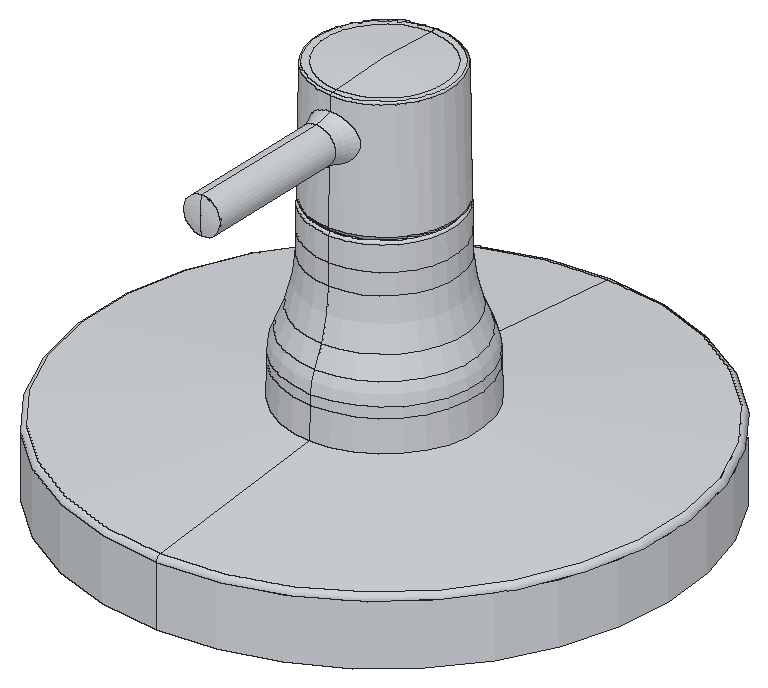
Revit family "Shower-Valve_Trim-KOHLER-Toobi-K-TS8981", category Specialty Equipment, host Face, Revit 2015
Parameters (values of type "CP-Polished Chrome")
  Width = 6 1/2"  # constant formula
  URL = "https://www.us.kohler.com/us/"
  Type = 1
  Product Page URL = "http://www.us.kohler.com/us/catalog/productDetails.jsp?productNumber=TS8981-4"
  Product Name = "Toobi"  # constant formula
  Product Documentation Link = "http://www.us.kohler.com/onlinecatalog/pdf/K-TS8981-4_spec.pdf"
  Model = if(Type = 1, "K-TS8981-4-CP", if(Type = 2, "K-TS8981-4-BN", "NA"))  # "K-TS8981-4-CP"
  Material = "Premium Metal Construction"  # constant formula
  MasterFormat 2004 = "10.28.13"  # constant formula
  MasterFormat 1995 = "10820"  # constant formula
  Manufacturer Address = "444 Highland Dr, Kohler, WI 53044"  # constant formula
  Manufacturer = "KOHLER Co."  # constant formula
  Length = 4 7/16"  # constant formula
  Height = 6 1/2"  # constant formula
  Finish = Kohler-Metal-CP-Polished_Chrome
  Environmental Product Declaration = ""
  Description = "Rite-temp valve trim with lever handle"  # constant formula
  Default Elevation = 42"
  Declare Label = ""
  Date Modified = "09/11/2018"  # constant formula
  Date Created = "09/11/2018"  # constant formula
  Copyright = "Copyright KOHLER Co."  # constant formula
  Contact Us = "https://www.us.kohler.com/us/static/contact.jsp"
  Assembly Code = "C1030200"
  ADA Compliant = 1 = 1  # yes
Types (3): name | Type | Model | Finish
  (no name) | 1 | "K-TS8981-4-CP" | Kohler-Metal-CP-Polished_Chrome
  CP-Polished Chrome | 1 | "K-TS8981-4-CP" | Kohler-Metal-CP-Polished_Chrome
  BN-Vibrant Brushed Nickel | 2 | "K-TS8981-4-BN" | Kohler-Metal-BN-Vibrant_Brushed_Nickel
Reference planes (in)
  plane 1 "Center (Front/Back)": y = 0
  plane 2: z = 0
  plane 3 "Center (Left/Right)": x = 0
  plane 4: x = -3.25
  plane 5: x = 3.25
  plane 6: y = 3.25
  plane 7: y = -3.25
  plane 8: z = 4.4375
  plane 9: y = -2.625
Dimensions and locks (in)
  "Width": plane 4 to plane 5
  "Height": plane 6 to plane 7
  "Length": plane 8 to level
  plane 1 "Center (Front/Back)" to plane 9 = 2 5/8"
  aligned and locked: plane 2 to host face
  aligned and locked: level to host face
Automatic sketch dimensions
  host sketch curve to host sketch curve = 96"  (x2)
Nested families (in)
  nested 1: "K-TS8981" at (0, 0, 0), type "K-TS8981"
Definition of nested family "K-TS8981"
  Parameters (values of type "K-TS8981")
    Material = none
  Reference planes (in)
    plane 1 "Center (Front/Back)": y = 0
    plane 2: z = 0
    plane 3 "Center (Left/Right)": x = 0
    plane 4: y = 3.25
    plane 5: y = -3.25
    plane 6: z = 4.4375
    plane 7: y = -2.625
  Forms (in)
    Revolve 1, solid, material <- "Material", detail levels medium+fine
      sketch origin (0, 0.03343, 0) x (0, 1, 0) y (0, 0, 1)
        loop
          line (3.21657, 0) -> (3.21657, 0.69172)
          arc (3.21657, 0.69172) -> (3.20028, 0.73524) -> (3.15942, 0.75737) r 0.06627
          arc (3.15942, 0.75737) -> (2.09423, 0.8843) -> (1.02492, 0.96969) r 27.56765
          arc (1.02492, 0.96969) -> (1.02326, 1.14937) -> (1.01853, 1.329) r 10.49388
          line (1.01853, 1.329) -> (1.01456, 1.44258)
          arc (1.01456, 1.44258) -> (0.99807, 1.56033) -> (0.95758, 1.67211) r 0.57144
          arc (0.95758, 1.67211) -> (0.90693, 1.7843) -> (0.86259, 1.89912) r 2.21821
          arc (0.86259, 1.89912) -> (0.79079, 2.16476) -> (0.76045, 2.43825) r 1.79371
          arc (0.76045, 2.43825) -> (0.75774, 2.55605) -> (0.75754, 2.67388) r 5.5345
          arc (0.75754, 2.67388) -> (0.75693, 2.81315) -> (0.75262, 2.95235) r 5.24421
          arc (0.75262, 2.95235) -> (0.74409, 2.97117) -> (0.72491, 2.97887) r 0.02774
          line (0.72491, 2.97887) -> (0.68576, 2.97887)
          arc (0.68576, 2.97887) -> (0.66256, 2.98665) -> (0.64875, 3.00687) r 0.03847
          line (0.64875, 3.00687) -> (0.73104, 3.00687)
          arc (0.73104, 3.00687) -> (0.74554, 3.01294) -> (0.75136, 3.02754) r 0.02032
          line (0.75136, 3.02754) -> (0.72788, 4.37318)
          arc (0.72788, 4.37318) -> (0.72194, 4.387) -> (0.70803, 4.39269) r 0.01985
          arc (0.70803, 4.39269) -> (0.67335, 4.39283) -> (0.63868, 4.39324) r 4.37125
          arc (0.63868, 4.39324) -> (0.30335, 4.42636) -> (-0.03343, 4.4375) r 5.15281
          line (-0.03343, 4.4375) -> (-0.03343, 0) -> (3.21657, 0)
        axis (-0.03343, 4.4375) -> (-0.03343, 0)
      angle from 0 to 360
    Revolve 2, solid, material <- "Material", detail levels medium+fine
      sketch origin (0, 0.03343, 0) x (0, 1, 0) y (0, 0, 1)
        loop
          arc (-0.54227, 3.95184) -> (-0.56683, 4.1635) -> (-0.63054, 4.36684) r 1.13421
          arc (-0.63054, 4.36684) -> (-0.78779, 4.21657) -> (-0.9983, 4.16187) r 0.43239
          line (-0.9983, 4.16187) -> (-2.63284, 4.16187)
          arc (-2.63284, 4.16187) -> (-2.65297, 4.05775) -> (-2.65843, 3.95184) r 0.76096
          line (-2.65843, 3.95184) -> (-0.54227, 3.95184)
        axis (-2.65843, 3.95184) -> (-0.54227, 3.95184)
      angle from 0 to 360
    Revolve 3, solid, material <- "Material", detail levels coarse
      sketch origin (0, 0, 0) x (0, 1, 0) y (0, 0, 1)
        loop
          line (3.25, 0) -> (3.25, 1) -> (1, 1) -> (1, 4.4375) -> (-0.00002, 4.4375) -> (-0.00002, 0) -> (3.25, 0)
        axis (-0.00002, 4.4375) -> (-0.00002, 0)
      angle from 0 to 360
    Revolve 4, solid, material <- "Material", detail levels coarse
      sketch origin (0, 0, 0) x (0, 1, 0) y (0, 0, 1)
        loop
          line (-0.76905, 3.92942) -> (-2.625, 3.92942) -> (-2.625, 3.69697) -> (-0.77311, 3.69697) -> (-0.76905, 3.92942)
        axis (-2.625, 3.92942) -> (-0.76905, 3.92942)
      angle from 0 to 360
  Cuts and joins
    joined: Revolve 1, Revolve 2
    joined: Revolve 3, Revolve 4
  Lines and regions (in)
    Masking region 1
      outline origin (0, 0, 0) x (1, 0, 0) y (0, 0, 1)
        loop
          line (3.25, 0) -> (3.25, 0.69172)
          arc (3.25, 0.69172) -> (3.23371, 0.73524) -> (3.19285, 0.75737) r 0.06627
          arc (3.19285, 0.75737) -> (2.15177, 0.88189) -> (1.1067, 0.96673) r 27.56765
          line (1.1067, 0.96673) -> (0, 0.96673) -> (-1.1067, 0.96673)
          arc (-1.1067, 0.96673) -> (-2.15177, 0.88189) -> (-3.19285, 0.75737) r 27.56765
          arc (-3.19285, 0.75737) -> (-3.23371, 0.73524) -> (-3.25, 0.69172) r 0.06627
          line (-3.25, 0.69172) -> (-3.25, 0) -> (0, 0) -> (3.25, 0)
    Masking region 2
      outline origin (0, 0, 0) x (0, 1, 0) y (0, 0, 1)
        loop
          line (3.25, 0) -> (3.25, 0.69172)
          arc (3.25, 0.69172) -> (3.23371, 0.73524) -> (3.19285, 0.75737) r 0.06627
          arc (3.19285, 0.75737) -> (2.12766, 0.8843) -> (1.05835, 0.96969) r 27.56765
          arc (1.05835, 0.96969) -> (1.05669, 1.14937) -> (1.05196, 1.329) r 10.49388
          line (1.05196, 1.329) -> (1.04799, 1.44258)
          arc (1.04799, 1.44258) -> (1.0315, 1.56033) -> (0.99101, 1.67211) r 0.57144
          arc (0.99101, 1.67211) -> (0.94036, 1.7843) -> (0.89602, 1.89912) r 2.21821
          arc (0.89602, 1.89912) -> (0.82422, 2.16476) -> (0.79388, 2.43825) r 1.79371
          arc (0.79388, 2.43825) -> (0.79117, 2.55605) -> (0.79097, 2.67388) r 5.5345
          arc (0.79097, 2.67388) -> (0.79036, 2.81315) -> (0.78605, 2.95235) r 5.24421
          arc (0.78605, 2.95235) -> (0.77752, 2.97117) -> (0.75834, 2.97887) r 0.02774
          line (0.75834, 2.97887) -> (0.71919, 2.97887)
          arc (0.71919, 2.97887) -> (0.69599, 2.98665) -> (0.68218, 3.00687) r 0.03847
          line (0.68218, 3.00687) -> (0.76447, 3.00687)
          arc (0.76447, 3.00687) -> (0.77897, 3.01294) -> (0.78479, 3.02754) r 0.02032
          line (0.78479, 3.02754) -> (0.76131, 4.37318)
          arc (0.76131, 4.37318) -> (0.75537, 4.387) -> (0.74146, 4.39269) r 0.01985
          arc (0.74146, 4.39269) -> (0.70678, 4.39283) -> (0.6721, 4.39324) r 4.37125
          arc (0.6721, 4.39324) -> (0.33678, 4.42636) -> (0, 4.4375) r 5.15281
          arc (0, 4.4375) -> (-0.33678, 4.42636) -> (-0.6721, 4.39324) r 5.15281
          arc (-0.6721, 4.39324) -> (-0.70678, 4.39283) -> (-0.74146, 4.39269) r 4.37125
          arc (-0.74146, 4.39269) -> (-0.75537, 4.387) -> (-0.76131, 4.37318) r 0.01985
          line (-0.76131, 4.37318) -> (-0.76413, 4.21129)
          arc (-0.76413, 4.21129) -> (-0.85865, 4.17441) -> (-0.95934, 4.16187) r 0.41022
          line (-0.95934, 4.16187) -> (-2.59941, 4.16187)
          arc (-2.59941, 4.16187) -> (-2.62505, 3.95184) -> (-2.59941, 3.74181) r 0.87298
          line (-2.59941, 3.74181) -> (-0.95934, 3.74181)
          arc (-0.95934, 3.74181) -> (-0.86356, 3.73044) -> (-0.77311, 3.69697) r 0.40907
          line (-0.77311, 3.69697) -> (-0.78479, 3.02754)
          arc (-0.78479, 3.02754) -> (-0.77897, 3.01294) -> (-0.76447, 3.00687) r 0.02032
          line (-0.76447, 3.00687) -> (-0.68218, 3.00687)
          arc (-0.68218, 3.00687) -> (-0.69599, 2.98665) -> (-0.71919, 2.97887) r 0.03847
          line (-0.71919, 2.97887) -> (-0.75834, 2.97887)
          arc (-0.75834, 2.97887) -> (-0.77752, 2.97117) -> (-0.78605, 2.95235) r 0.02774
          arc (-0.78605, 2.95235) -> (-0.79036, 2.81315) -> (-0.79097, 2.67388) r 5.24421
          arc (-0.79097, 2.67388) -> (-0.79117, 2.55605) -> (-0.79388, 2.43825) r 5.5345
          arc (-0.79388, 2.43825) -> (-0.82422, 2.16476) -> (-0.89602, 1.89912) r 1.79371
          arc (-0.89602, 1.89912) -> (-0.94036, 1.7843) -> (-0.99101, 1.67211) r 2.21821
          arc (-0.99101, 1.67211) -> (-1.0315, 1.56033) -> (-1.04799, 1.44258) r 0.57144
          line (-1.04799, 1.44258) -> (-1.05196, 1.329)
          arc (-1.05196, 1.329) -> (-1.05669, 1.14937) -> (-1.05835, 0.96969) r 10.49388
          arc (-1.05835, 0.96969) -> (-2.12766, 0.8843) -> (-3.19285, 0.75737) r 27.56765
          arc (-3.19285, 0.75737) -> (-3.23371, 0.73524) -> (-3.25, 0.69172) r 0.06627
          line (-3.25, 0.69172) -> (-3.25, 0) -> (0, 0) -> (3.25, 0)
    Masking region 3
      outline origin (0, 0, 0) x (1, 0, 0) y (0, 0, 1)
        loop
          line (3.25, 0) -> (3.25, 0.69172)
          arc (3.25, 0.69172) -> (3.23371, 0.73524) -> (3.19285, 0.75737) r 0.06627
          arc (3.19285, 0.75737) -> (2.12766, 0.8843) -> (1.05835, 0.96969) r 27.56765
          arc (1.05835, 0.96969) -> (1.05669, 1.14937) -> (1.05196, 1.329) r 10.49388
          line (1.05196, 1.329) -> (1.04799, 1.44258)
          arc (1.04799, 1.44258) -> (1.0315, 1.56033) -> (0.99101, 1.67211) r 0.57144
          arc (0.99101, 1.67211) -> (0.94036, 1.7843) -> (0.89602, 1.89912) r 2.21821
          arc (0.89602, 1.89912) -> (0.82422, 2.16476) -> (0.79388, 2.43825) r 1.79371
          arc (0.79388, 2.43825) -> (0.79117, 2.55605) -> (0.79097, 2.67388) r 5.5345
          arc (0.79097, 2.67388) -> (0.79036, 2.81315) -> (0.78605, 2.95235) r 5.24421
          arc (0.78605, 2.95235) -> (0.77752, 2.97117) -> (0.75834, 2.97887) r 0.02774
          line (0.75834, 2.97887) -> (0.71919, 2.97887)
          arc (0.71919, 2.97887) -> (0.69599, 2.98665) -> (0.68218, 3.00687) r 0.03847
          line (0.68218, 3.00687) -> (0.76447, 3.00687)
          arc (0.76447, 3.00687) -> (0.77897, 3.01294) -> (0.78479, 3.02754) r 0.02032
          line (0.78479, 3.02754) -> (0.76131, 4.37318)
          arc (0.76131, 4.37318) -> (0.75537, 4.387) -> (0.74146, 4.39269) r 0.01985
          arc (0.74146, 4.39269) -> (0.70678, 4.39283) -> (0.6721, 4.39324) r 4.37125
          arc (0.6721, 4.39324) -> (0.33678, 4.42636) -> (0, 4.4375) r 5.15281
          arc (0, 4.4375) -> (-0.33678, 4.42636) -> (-0.6721, 4.39324) r 5.15281
          arc (-0.6721, 4.39324) -> (-0.70678, 4.39283) -> (-0.74146, 4.39269) r 4.37125
          arc (-0.74146, 4.39269) -> (-0.75537, 4.387) -> (-0.76131, 4.37318) r 0.01985
          line (-0.76131, 4.37318) -> (-0.78479, 3.02754)
          arc (-0.78479, 3.02754) -> (-0.77897, 3.01294) -> (-0.76447, 3.00687) r 0.02032
          line (-0.76447, 3.00687) -> (-0.68218, 3.00687)
          arc (-0.68218, 3.00687) -> (-0.69599, 2.98665) -> (-0.71919, 2.97887) r 0.03847
          line (-0.71919, 2.97887) -> (-0.75834, 2.97887)
          arc (-0.75834, 2.97887) -> (-0.77752, 2.97117) -> (-0.78605, 2.95235) r 0.02774
          arc (-0.78605, 2.95235) -> (-0.79036, 2.81315) -> (-0.79097, 2.67388) r 5.24421
          arc (-0.79097, 2.67388) -> (-0.79117, 2.55605) -> (-0.79388, 2.43825) r 5.5345
          arc (-0.79388, 2.43825) -> (-0.82422, 2.16476) -> (-0.89602, 1.89912) r 1.79371
          arc (-0.89602, 1.89912) -> (-0.94036, 1.7843) -> (-0.99101, 1.67211) r 2.21821
          arc (-0.99101, 1.67211) -> (-1.0315, 1.56033) -> (-1.04799, 1.44258) r 0.57144
          line (-1.04799, 1.44258) -> (-1.05196, 1.329)
          arc (-1.05196, 1.329) -> (-1.05669, 1.14937) -> (-1.05835, 0.96969) r 10.49388
          arc (-1.05835, 0.96969) -> (-2.12766, 0.8843) -> (-3.19285, 0.75737) r 27.56765
          arc (-3.19285, 0.75737) -> (-3.23371, 0.73524) -> (-3.25, 0.69172) r 0.06627
          line (-3.25, 0.69172) -> (-3.25, 0) -> (0, 0) -> (3.25, 0)
    Masking region 4
      outline origin (0, 0, 0) x (1, 0, 0) y (0, 1, 0)
        loop
          circle (0, 0) r 3.25
    symbolic lines, detail levels medium+fine
      curve 1: line (0, 0.68218, 3.00687) -> (0, -0.68218, 3.00687)
      curve 2: line (0, -2.59941, 3.74181) -> (0, -2.59941, 4.16187)
      curve 3: line (0, -0.77311, 3.69697) -> (0, -0.76413, 4.21129)
      curve 4: line (0, 1.05835, 0.96969) -> (0, -1.05835, 0.96969)
      curve 5: line (0, -0.6721, 4.39324) -> (0, 0.6721, 4.39324)
      curve 6: line (0.68218, 0, 3.00687) -> (-0.68218, 0, 3.00687)
      curve 7: line (1.05835, 0, 0.96969) -> (-1.05835, 0, 0.96969)
      curve 8: line (0.71919, 0, 2.97887) -> (-0.71919, 0, 2.97887)
      curve 9: line (0.6721, 0, 4.39324) -> (-0.6721, 0, 4.39324)
      curve 10: arc (-0.21003, -1.0373, 0) -> (0, 1.05835, 0) -> (0.21003, -1.0373, 0) r 1.05835
      curve 11: arc (0.27281, -0.74353, 0) -> (0, 0.792, 0) -> (-0.27281, -0.74353, 0) r 0.792
      curve 12: line (-0.21003, -2.59941, 0) -> (-0.21003, -0.95663, 0)
      curve 13: line (0.21003, -2.59941, 0) -> (0.21003, -0.95663, 0)
      curve 14: arc (0.21003, -0.95663, 0) -> (0.22605, -0.84555, 0) -> (0.27281, -0.74353, 0) r 0.39304
      curve 15: arc (-0.21003, -0.95663, 0) -> (-0.22605, -0.84555, 0) -> (-0.27281, -0.74353, 0) r 0.39304
      curve 16: line (-0.21003, -2.59941, 0) -> (0.21003, -2.59941, 0)
      curve 17: arc (-0.21003, -2.59941, 0) -> (0, -2.625, 0) -> (0.21003, -2.59941, 0) r 0.87459
  Dimensions and locks (in)
    plane 4 to plane 1 "Center (Front/Back)" = 3 1/4"
    plane 6 to level = 4 7/16"
    plane 1 "Center (Front/Back)" to plane 7 = 2 5/8"
    aligned and locked: plane 2 to level
